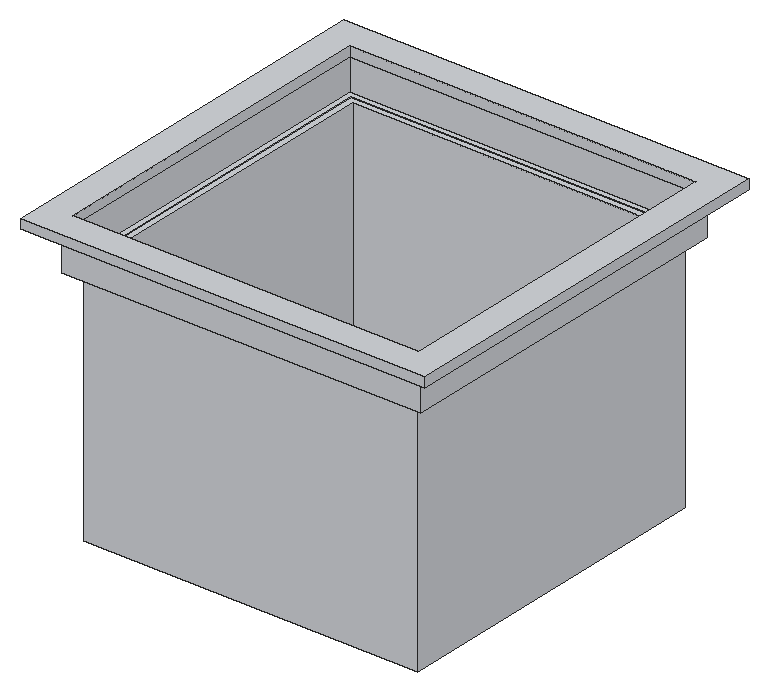
Revit family "Gira_289600", category Electrical Fixtures, host Face, Revit 2017
Family settings
  Host = Face
  Maintain Annotation Orientation = No
  Round Connector Dimension = Use Diameter
  Part Type = Normal
  Cut with Voids When Loaded = No
  Shared = No
  Room Calculation Point = No
Parameters (values of type "Gerätedose 1f flach Gira E22")
  Werkstoff = "Kunststoff"
  URL = "http://katalog.gira.de/de_DE/datenblatt.html?artikelnr=289600"
  Schutzart (IP) = "IP20"
  Region = "DE"
  Name = "Gerätedose 1f flach Gira E22"
  Montageart = "Hohlwand"
  Manufacturer URL = "https://www.gira.de/"
  Keynote = "E22flach_Gerätedose_1fach"
  HeinzeBIM = "https://bimportal.heinze.de/bim/geraetedose-1f-flach-gira-e22/b8c48c3185bb2c7e785c9a078046f11d8d85f651"
  Halogenfrei = "No"
  HAN = "289600"
  GTIN = "4010337066514"
  Form = "quadratisch"
  Default Elevation = 1219.2 mm
  Data sheet (1) = "https://katalog.gira.de/de_DE/download.html?artikelnr=289600"
  Category = "Dose, Gehäuse für Montage in der Wand/Decke"
  Bestückung = "ohne"
  Befestigung der Geräte = "schrauben"
  Bauform = "Gerätedose"
  Available = "Yes"
  Ausführung = "sonstige"
Reference planes
  plane 1 "Center (Front/Back)": y = 0
  plane 2: z = 0
  plane 3 "Center (Left/Right)": x = 0
Forms (mm)
  Extrusion 1, solid, detail levels fine
    sketch origin (0, 0, 0) x (1, 0, 0) y (0, 1, 0)
      loop
        line (-42, -42) -> (42, -42) -> (42, 42) -> (-42, 42) -> (-42, -42)
      loop
        line (-36.007, 35.957) -> (-36.007, -35.957) -> (36.007, -35.957) -> (36.007, 35.957) -> (-36.007, 35.957)
    from -1 to 1
  Extrusion 2, solid, detail levels fine
    sketch origin (0, 0, 0) x (1, 0, 0) y (0, 1, 0)
      loop
        line (-37.25, 37.2) -> (-37.25, -37.2) -> (37.25, -37.2) -> (37.25, 37.2) -> (-37.25, 37.2)
      loop
        line (-36.007, 35.957) -> (-36.007, -35.957) -> (36.007, -35.957) -> (36.007, 35.957) -> (-36.007, 35.957)
    from -9.5 to 0
  Extrusion 3, solid, detail levels fine
    sketch origin (0, 0, 0) x (1, 0, 0) y (0, 1, 0)
      loop
        line (34.7, 34.75) -> (-34.7, 34.75) -> (-34.7, -34.75) -> (34.7, -34.75) -> (34.7, 34.75)
      loop
        line (-33.251, 33.301) -> (-33.251, -33.301) -> (33.251, -33.301) -> (33.251, 33.301) -> (-33.251, 33.301)
    from -59.5 to -7.5
  Extrusion 4, solid, detail levels fine
    sketch origin (0, 0, 0) x (1, 0, 0) y (0, 1, 0)
      loop
        line (-33.251, 33.301) -> (-33.251, -33.301) -> (33.251, -33.301) -> (33.251, 33.301) -> (-33.251, 33.301)
    from -59.5 to -57.5
  Extrusion 5, solid, detail levels fine
    sketch origin (0, 0, 0) x (1, 0, 0) y (0, 1, 0)
      loop
        line (-34.7, -34.75) -> (34.7, -34.75) -> (34.7, 34.75) -> (-34.7, 34.75) -> (-34.7, -34.75)
      loop
        line (-36.007, -35.957) -> (36.007, -35.957) -> (36.007, 35.957) -> (-36.007, 35.957) -> (-36.007, -35.957)
    from -9.5 to -7.5
  Extrusion 6, solid, detail levels coarse
    sketch origin (0, 0, 0) x (1, 0, 0) y (0, 1, 0)
      loop
        line (-42, -42) -> (42, -42) -> (42, 42) -> (-42, 42) -> (-42, -42)
    from -59.5 to 1
  Extrusion 7, solid, detail levels medium
    sketch origin (0, 0, 0) x (1, 0, 0) y (0, 1, 0)
      loop
        line (-42, -42) -> (42, -42) -> (42, 42) -> (-42, 42) -> (-42, -42)
    from -1 to 1
  Extrusion 8, solid, detail levels medium
    sketch origin (0, 0, 0) x (1, 0, 0) y (0, 1, 0)
      loop
        line (34.7, 34.75) -> (-34.7, 34.75) -> (-34.7, -34.75) -> (34.7, -34.75) -> (34.7, 34.75)
    from -59.5 to -9.5
  Extrusion 9, solid, detail levels medium
    sketch origin (0, 0, 0) x (1, 0, 0) y (0, 1, 0)
      loop
        line (-37.25, 37.2) -> (-37.25, -37.2) -> (37.25, -37.2) -> (37.25, 37.2) -> (-37.25, 37.2)
    from -9.5 to 0
Dimensions and locks
  aligned and locked: plane 2 to host face
  aligned and locked: level to host face
